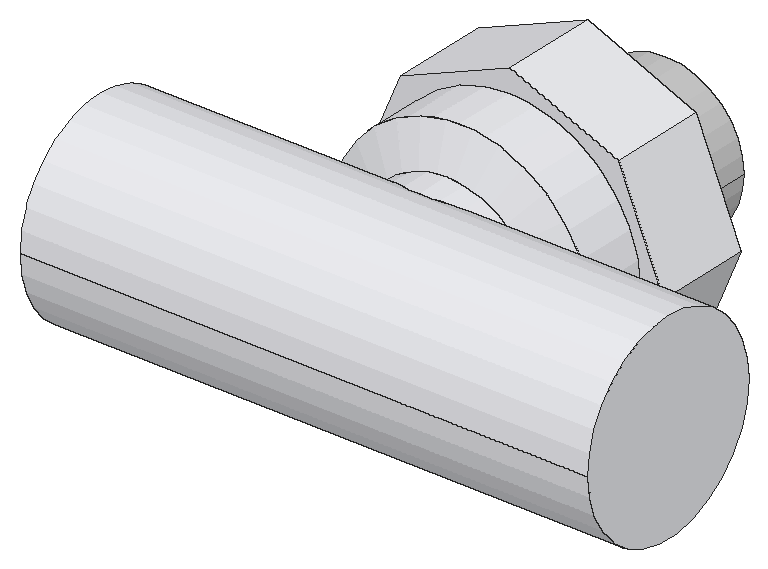
Revit family "PF_Тройник [фитинг полипропиленовый - тройник с переходом на наружную резьбу, VTp.733.0]1 - VALTEC", category Соединительные детали трубопроводов, Revit 2019
Family settings
  Размер круглого соединителя = Использовать диаметр
  Тип детали = Тройник
  На основе рабочей плоскости = Нет
  Всегда вертикально = Да
  При загрузке вырезать с полостями = Нет
  Общий = Нет
Parameters (values of type "VTp.733.0")
  Таблица = "PF_Тройник [фитинг полипропиленовый - тройник с переходом на наружную резьбу, VTp.733.0] - VALTEC"  # constant formula
  built-in parameter 1114238 [instance] = (empty or 0)
  Материал доп.1 = Сталь, нержавеющая - VALTEC
  Manufacturer = ""
  dn5 [instance] = size_lookup(Таблица, "dn5", 0 mm, d1, d2, d3)  # 21 mm
  dn4 [instance] = size_lookup(Таблица, "dn4", 0 mm, d1, d2, d3)  # 24.1 mm
  dn3 [instance] = size_lookup(Таблица, "dn3", 0 mm, d1, d2, d3)  # 34.9 mm
  dn2 [instance] = size_lookup(Таблица, "dn2", 0 mm, d1, d2, d3)  # 38 mm
  dn1 [instance] = size_lookup(Таблица, "dn1", 0 mm, d1, d2, d3)  # 26.8 mm
  d3 [instance] = 20 mm
  d2 [instance] = 15 mm
  d1 [instance] = 20 mm
  c4 [instance] = size_lookup(Таблица, "c4", 0 mm, d1, d2, d3)  # 13 mm
  c3 [instance] = size_lookup(Таблица, "c3", 0 mm, d1, d2, d3)  # 2.2 mm
  c2 [instance] = size_lookup(Таблица, "c2", 0 mm, d1, d2, d3)  # 8.3 mm
  c1 [instance] = size_lookup(Таблица, "c1", 0 mm, d1, d2, d3)  # 13 mm
  URL = "https://valtec.ru/"
  E [instance] = size_lookup(Таблица, "E", 0 mm, d1, d2, d3)  # 34 mm
  C [instance] = size_lookup(Таблица, "C", 0 mm, d1, d2, d3)  # 69 mm
  B [instance] = size_lookup(Таблица, "B", 0 mm, d1, d2, d3)  # 15 mm
  ADSK_Примечание [instance] = ""
  ADSK_Позиция [instance] = ""
  ADSK_Обозначение [instance] = "VTp.733.0"  # constant formula
  ADSK_Наименование [instance] = size_lookup(Таблица, "", "Данный типоразмер отсутствует", d1, d2, d3)  # "Фитинг полипропиленовый - тройник с переходом на наружную резьбу,  20 мм х 1/2\""
  ADSK_Материал = Пластик белый - VALTEC
  ADSK_Масса [instance] = size_lookup(Таблица, "Масса", 0, d1, d2, d3)  # 0.071
  ADSK_Марка [instance] = size_lookup(Таблица, "Маркировка", "Данный типоразмер отсутствует", d1, d2, d3)  # "20х1/2\""
  ADSK_Код изделия [instance] = size_lookup(Таблица, "Код продукта", "Данный типоразмер отсутствует", d1, d2, d3)  # "VTp.733.0.02004"
  ADSK_Завод-изготовитель [instance] = "VALTEC"  # constant formula
  ADSK_Единица измерения [instance] = "шт."  # constant formula
  ADSK_URL страницы изделия = "https://valtec.ru/catalog/sistemy_polipropilenovyh_truboprovodov/polipropilenovye_fitingi/fiting_polipropilenovyj_trojnik_s_perehodom_na_narujnuyu_rezbu_vtp7330.html"
  ADSK_URL документации изделия = "https://valtec.ru/document/technical/VTp.700-fitingi-0419.pdf"
  A [instance] = size_lookup(Таблица, "A", 0 mm, d1, d2, d3)  # 76 mm
Reference planes
  plane 1 "По центру (Вперед/Назад)": y = 0
  plane 2: z = 0
  plane 3 "По центру (Влево/Вправо)": x = 0
  plane 4: x = -38
  plane 5: y = 34
  plane 6: x = 38
  plane 7: y = 13.4
  plane 8: y = -13.4
  plane 9: y = 21
  plane 10: y = 12.7
  plane 11: y = 10.5
  plane 12: y = 47
Forms (mm)
  Extrusion 1, solid, material "Пластик белый - VALTEC" <- "ADSK_Материал", detail levels medium+fine
    sketch origin (0, 0, 0) x (0, 1, 0) y (0, 0, 1)
      loop
        circle (0, 0) r 13.4
    from -38 to 38
  Extrusion 2, solid, material "Пластик белый - VALTEC" <- "ADSK_Материал", detail levels medium+fine
    sketch origin (0, 0, 0) x (1, 0, 0) y (0, 0, 1)
      loop
        circle (0, 0) r 17.45
    from -21 to -12.7
  Extrusion 3, solid, material "Пластик белый - VALTEC" <- "ADSK_Материал", detail levels medium+fine
    sketch origin (0, 0, 0) x (1, 0, 0) y (0, 0, 1)
      loop
        circle (0, 0) r 12.05
    from -10.5 to 0
  Blend 4, solid, material "Пластик белый - VALTEC" <- "ADSK_Материал", detail levels medium+fine
    base sketch origin (0, 0, 0) x (1, 0, 0) y (0, 0, 1)
      loop
        circle (0, 0) r 17.45
    top sketch origin (0, 0, 0) x (1, 0, 0) y (0, 0, 1)
      loop
        circle (0, 0) r 12.05
    from -12.7 to -10.5
  Extrusion 5, solid, material "Сталь, нержавеющая - VALTEC" <- "Материал доп.1", detail levels medium+fine
    sketch origin (0, 0, 0) x (1, 0, 0) y (0, 0, 1)
      loop
        circle (0, 0) r 10.5
    from -47 to -34
Cuts and joins
  joined: Extrusion 1, Extrusion 2, Extrusion 3, Blend 4
Lines and regions (mm)
  model lines, detail levels coarse
    curve 1: line (-38, 0, 0) -> (38, 0, 0)
    curve 2: line (0, 0, 0) -> (0, 47, 0)
  reference lines
    curve 3: line (-38, 0, 0) -> (38, 0, 0)
    curve 4: line (0, 0, 0) -> (0, 34, 0)
Dimensions and locks
  equal spacing: plane 4, plane 3 "По центру (Влево/Вправо)", plane 6
  "A": plane 4 to plane 6
  equal spacing: plane 8, plane 1 "По центру (Вперед/Назад)", plane 7
  "dn1": plane 7 to plane 8
  "c1": plane 5 to plane 9
  "c2": plane 9 to plane 10
  "c3": plane 10 to plane 11
  "E": plane 1 "По центру (Вперед/Назад)" to plane 5
  "c4": plane 12 to plane 5
  "dn1": diameter of Extrusion 1 sketch curve
  "dn3": diameter of Extrusion 2 sketch curve
  "dn4": diameter of Extrusion 3 sketch curve
  "dn3": diameter of Blend 4 sketch curve
  "dn4": diameter of Blend 4 sketch curve
  "dn5": diameter of Extrusion 5 sketch curve
  aligned and locked: level to plane 2
  aligned and locked: level to Extrusion 1 sketch curve
  aligned and locked: plane 1 "По центру (Вперед/Назад)" to Extrusion 1 sketch curve
  aligned and locked: Extrusion 1 to plane 4
  aligned and locked: Extrusion 1 to plane 6
  aligned and locked: level to Extrusion 2 sketch curve
  aligned and locked: plane 3 "По центру (Влево/Вправо)" to Extrusion 2 sketch curve
  aligned and locked: plane 3 "По центру (Влево/Вправо)" to Extrusion 3 sketch curve
  aligned and locked: level to Extrusion 3 sketch curve
  aligned and locked: plane 3 "По центру (Влево/Вправо)" to Blend 4 sketch curve  (x2)
  aligned and locked: level to Blend 4 sketch curve  (x2)
  aligned and locked: plane 9 to Extrusion 2
  aligned and locked: plane 11 to Extrusion 3
  aligned and locked: Blend 4 to plane 11
  aligned and locked: plane 10 to Blend 4
  aligned and locked: Extrusion 2 to plane 10
  aligned and locked: plane 1 "По центру (Вперед/Назад)" to Extrusion 3
  aligned and locked: plane 3 "По центру (Влево/Вправо)" to nested 1
  aligned and locked: level to nested 1
  aligned and locked: plane 5 to nested 1
  aligned and locked: plane 6 to curve 1
  aligned and locked: plane 4 to curve 1
  aligned and locked: plane 1 "По центру (Вперед/Назад)" to curve 1
  aligned and locked: plane 1 "По центру (Вперед/Назад)" to curve 2
  aligned and locked: plane 3 "По центру (Влево/Вправо)" to curve 2
  aligned and locked: plane 6 to curve 3
  aligned and locked: plane 4 to curve 3
  aligned and locked: plane 1 "По центру (Вперед/Назад)" to curve 3
  aligned and locked: plane 1 "По центру (Вперед/Назад)" to curve 4
  aligned and locked: plane 5 to curve 4
  aligned and locked: plane 3 "По центру (Влево/Вправо)" to curve 4
  aligned and locked: level to Extrusion 5 sketch curve
  aligned and locked: plane 3 "По центру (Влево/Вправо)" to Extrusion 5 sketch curve
  aligned and locked: plane 12 to Extrusion 5
  aligned and locked: Extrusion 5 to plane 5
  aligned and locked: plane 12 to curve 2
Nested families
  nested 1: "Гайка - горизонталь" at (0, 27.5, 0) x (0, 1, 0) z (0, 0, 1), d <- "dn2", ADSK_Материал <- "ADSK_Материал", l <- "c1", type "Гайка - горизонталь", detail levels medium+fine
    with l 13 mm, d 38 mm, ADSK_Материал Пластик белый - VALTEC
Connectors
  piping at (-38, 0, 0), diameter 20, driven by "d1"
    settings: on curve 3, index 1, connector inside diameter 609.6 mm, connector length 0 mm, flow factor 0, pipe flow 0.0 L/s, pressure drop 0.0 Pa, fitting loss kfactor 0, connector angle 0.00°, fixture units 0, engagement length 0 mm, angle of deflection 0.00°, flow configuration 0, flow direction 0, fitting loss method 0, system type 28, joint type 0, gender type 0, connector reference index 2, connector utility 0, adjustable connector no, is connector primary yes, connector description ""
  piping at (38, 0, 0), diameter 20, driven by "d3"
    settings: on curve 3, index 2, connector inside diameter 609.6 mm, connector length 0 mm, flow factor 0, pipe flow 0.0 L/s, pressure drop 0.0 Pa, fitting loss kfactor 0, connector angle 0.00°, fixture units 0, engagement length 0 mm, angle of deflection 0.00°, flow configuration 0, flow direction 0, fitting loss method 0, system type 28, joint type 0, gender type 0, connector reference index 1, connector utility 0, adjustable connector no, is connector primary no, connector description ""
  piping at (0, 34, 0), diameter 15, driven by "d2"
    settings: on curve 4, index 3, connector inside diameter 609.6 mm, connector length 0 mm, flow factor 0, pipe flow 0.0 L/s, pressure drop 0.0 Pa, fitting loss kfactor 0, connector angle 0.00°, fixture units 0, engagement length 0 mm, angle of deflection 0.00°, flow configuration 0, flow direction 0, fitting loss method 0, system type 28, joint type 0, gender type 0, connector reference index -1, connector utility 0, adjustable connector no, is connector primary no, connector description ""
Definition of nested family "Гайка - горизонталь"
  Parameters (values of type "Гайка - горизонталь")
    d [instance] = 588.881 mm
    l [instance] = 637.4 mm
    ADSK_Материал [instance] = none
  Reference planes
    plane 1 "По центру (Вперед/Назад)": y = 0
    plane 2: z = 0
    plane 3 "По центру (Влево/Вправо)": x = 0
    plane 4: y = 318.7
    plane 5: y = -318.7
    plane 6: through (0, -912.519, 2972.425) normal (0, -0.9239, -0.3827)
    plane 7: through (0, -1234.338, 2979.956) normal (0, -0.9239, -0.3827)
    plane 8: through (0, -1556.157, 2987.486) normal (0, -0.9239, -0.3827)
    plane 9: through (0, 1234.338, 2979.956) normal (0, -0.9239, 0.3827)
    plane 10: through (0, -2420.114, 1321.144) normal (0, -0.3827, -0.9239)
    plane 11: through (0, -2532.792, 1049.117) normal (0, -0.3827, -0.9239)
    plane 12: through (0, -2645.469, 777.089) normal (0, -0.3827, -0.9239)
    plane 13: through (0, 2420.114, 1321.144) normal (0, -0.3827, 0.9239)
    plane 14: through (0, 2532.792, 1049.117) normal (0, -0.3827, 0.9239)
    plane 15: through (0, 2645.469, 777.089) normal (0, -0.3827, 0.9239)
    plane 16: through (0, 912.519, 2972.425) normal (0, -0.9239, 0.3827)
    plane 17: through (0, 1234.338, 2979.956) normal (0, -0.9239, 0.3827)
    plane 18: through (0, 1556.157, 2987.486) normal (0, -0.9239, 0.3827)
    plane 19: x = 318.7
    plane 20: x = -318.7
  Forms (mm)
    Extrusion 1, solid, material <- "ADSK_Материал"
      sketch origin (0, 0, 0) x (0, 1, 0) y (0, 0, 1)
        loop
          line (0, 318.7) -> (-225.355, 225.355) -> (-318.7, 0) -> (-225.355, -225.355) -> (0, -318.7) -> (225.355, -225.355) -> (318.7, 0) -> (225.355, 225.355) -> (0, 318.7)
      from -318.7 to 318.7
  Lines and regions (mm)
    reference lines
      curve 1: line (0, -112.677, -272.027) -> (0, 112.677, 272.027)
      curve 2: line (0, -272.027, 112.677) -> (0, 272.027, -112.677)
  Dimensions and locks
    equal spacing: plane 4, plane 1 "По центру (Вперед/Назад)", plane 5
    locked: plane 4 to plane 5 at 637.4
    equal spacing: plane 8, plane 7, plane 6
    "d": plane 8 to plane 6
    equal spacing: plane 12, plane 11, plane 10
    "d": plane 12 to plane 10
    equal spacing: plane 15, plane 14, plane 13
    "d": plane 15 to plane 13
    equal spacing: plane 18, plane 17, plane 16
    "d": plane 18 to plane 16
    equal spacing: plane 20, plane 3 "По центру (Влево/Вправо)", plane 19
    "l": plane 20 to plane 19
    aligned and locked: level to plane 2
    aligned and locked: plane 10 to Extrusion 1 sketch curve
    aligned and locked: plane 13 to Extrusion 1 sketch curve
    aligned and locked: plane 16 to Extrusion 1 sketch curve
    aligned and locked: Extrusion 1 sketch curve to plane 8
    aligned and locked: Extrusion 1 sketch curve to plane 12
    aligned and locked: Extrusion 1 sketch curve to plane 15
    aligned and locked: Extrusion 1 sketch curve to plane 18
    aligned and locked: plane 6 to Extrusion 1 sketch curve
    aligned and locked: plane 19 to Extrusion 1
    aligned and locked: plane 20 to Extrusion 1
    aligned and locked: Extrusion 1 to plane 19
    aligned and locked: plane 16 to curve 2
    aligned and locked: plane 18 to curve 2
    aligned and locked: curve 2 to plane 11
    aligned and locked: plane 12 to curve 1
    aligned and locked: plane 10 to curve 1
    aligned and locked: curve 1 to plane 17
